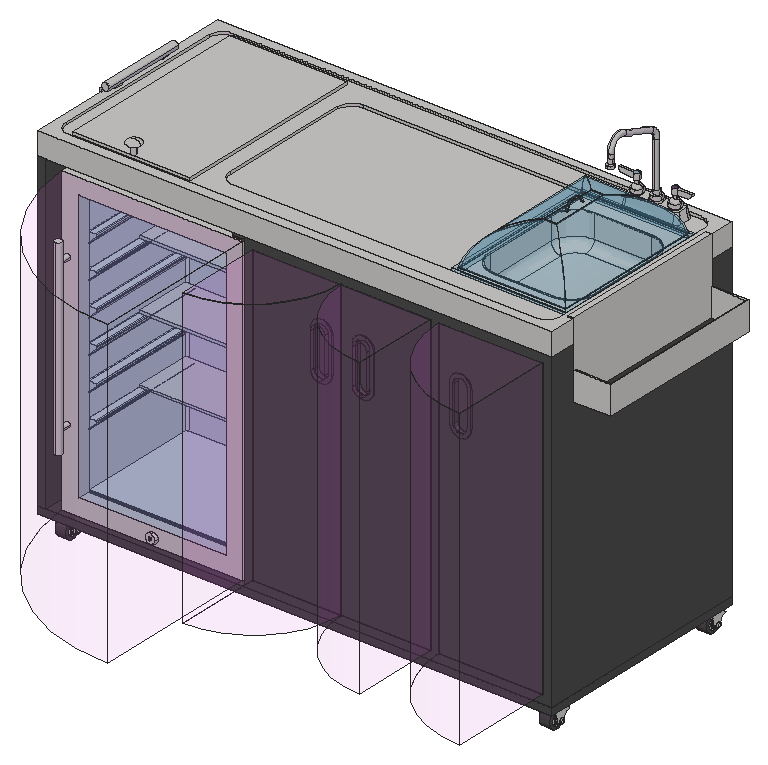
Revit family "QF_Summit_CARTOS54RG_Mobile_Outdoor_Serving_Station_with_Refrigerator", category Specialty Equipment, Revit 2020 (continued)
Definition of nested family "Summit_SPR488BOSADALHD"
  Automatic sketch dimensions
    plane 3 "RIGHT" to Revolve 13 sketch curve = 1 9/16"
    plane 12 to Revolve 13 sketch curve = 1/8"
    Revolve 13 sketch curve to Revolve 13 sketch curve = 9/32"
    Revolve 13 sketch curve to Revolve 13 sketch curve = 0.46121"
    Revolve 13 sketch curve to Revolve 13 sketch curve = 0"
    Revolve 13 sketch curve to plane 12 = 1/4"
    Extrusion 9 sketch curve to plane 7 "Center X" = 3"
    plane 8 "BACK" to Extrusion 9 sketch curve = 2 9/16"
    Extrusion 9 sketch curve to Extrusion 9 sketch curve = 3/4"
    plane 7 "Center X" to Extrusion 9 sketch curve = 3.43069"
    Extrusion 9 sketch curve to plane 5 "TOP" = 3 5/8"
    Extrusion 9 sketch curve to plane 5 "TOP" = 2 3/8"
    Extrusion 14 sketch curve to plane 12 = 0.91109"
    plane 3 "RIGHT" to Extrusion 14 sketch curve = 3"
    curve 6 to plane 2 "LEFT" = 0"
    plane 13 to curve 2 = 0"
    plane 8 "BACK" to curve 1 = 0"
    curve 2 to plane 13 = 0.0875"
    plane 2 "LEFT" to curve 2 = 1/4"
    curve 4 to plane 13 = 0.0875"
    plane 3 "RIGHT" to curve 4 = 0.225"
    curve 9 to plane 3 "RIGHT" = 0"
    plane 10 to curve 8 = 0"
    radius of Extrusion 14 sketch curve = 1/4"
Definition of nested family "SPR488BOSADA_Door"
  Parameters (values of type "SPR488BOSADA_Door")
    Show Logo [instance] = yes
    Show Clearance [instance] = yes
    Lenght = 19"
    Height = 13.12527"
    Depth = 1 5/8"
    Default Elevation = 0"
  Reference planes (in)
    plane 1 "Center (Front/Back)": y = -14.76186
    plane 2: z = 0
    plane 3 "Center (Left/Right)": x = 1.62266
    plane 4: x = 20.62266
    plane 5: y = -16.38686
    plane 6: y = -15.57436
    plane 7: x = 11.12266
    plane 8 "Top": z = 13.12527
  Forms (in)
    Extrusion 1, solid
      sketch origin (23.87266, -1.59973, 24.25) x (0, 1, 0) y (-1, 0, 0)
        loop
          line (-13.16213, 4.75) -> (-14.45256, 4.53435)
          arc (-14.45256, 4.53435) -> (-14.60267, 4.44949) -> (-14.66213, 4.28764) r 0.25
          line (-14.66213, 4.28764) -> (-14.66213, 3.5)
          arc (-14.66213, 3.5) -> (-14.58891, 3.32322) -> (-14.41213, 3.25) r 0.25
          line (-14.41213, 3.25) -> (-13.16213, 3.25) -> (-13.16213, 4.75)
      from 8.125 to 8.25
    Extrusion 2, solid
      sketch origin (-73.27164, -15.04895, 32) x (1, 0, 0) y (0, 0, 1)
        loop
          line (74.8943, 0.375) -> (74.8943, -31.5) -> (93.8943, -31.5) -> (93.8943, 0.375) -> (74.8943, 0.375)
        loop
          line (76.6443, -1.25) -> (76.6443, -29.75) -> (92.1443, -29.75) -> (92.1443, -1.25) -> (76.6443, -1.25)
      from 0 to 1.33791
    Extrusion 3, solid
      sketch origin (-73.27164, -15.04895, 32) x (1, 0, 0) y (0, 0, 1)
        loop
          line (76.6425, -29.75) -> (92.14969, -29.75) -> (92.14969, -1.25) -> (76.6425, -1.25) -> (76.6425, -29.75)
      from 0 to 1.33791
    Extrusion 4, solid
      sketch origin (23.87266, -1.59973, 24.25) x (0, 1, 0) y (-1, 0, 0)
        loop
          circle (-16.03713, 21.625) r 0.375
      from -17.625 to 2.25
    Extrusion 5, solid
      sketch origin (1.68516, -19.13176, 32) x (1, 0, 0) y (0, 0, 1)
        loop
          circle (0.56167, -7.5) r 0.25
        loop
          circle (0.56167, -23.25) r 0.25
      from -1.55741 to -2.74491
    Blend 6, solid
      base sketch origin (-73.27164, -16.38686, 32) x (1, 0, 0) y (0, 0, 1)
        loop
          circle (84.3943, -30.75) r 0.5625
      top sketch origin (-73.27164, -16.38686, 32) x (1, 0, 0) y (0, 0, 1)
        loop
          circle (84.3943, -30.75) r 0.5
      from 0 to 0.25369
    Extrusion 7, solid, visible <- "Show Clearance"
      sketch origin (1.62266, 1.36314, 0) x (1, 0, 0) y (0, 1, 0)
        loop
          arc (0.00402, -17.75) -> (5.99085, -30.38262) -> (19, -35.49996) r 19
          line (19, -35.49996) -> (19, -17.75) -> (0.00402, -17.75)
      from 0.5 to 32.375
    Extrusion 8, void
      sketch origin (-73.27164, -18.00369, 32) x (-1, 0, 0) y (0, 0, 1)
        loop
          circle (-84.3943, -30.75) r 0.1875
        loop
          circle (-84.3943, -30.75) r 0.0625
      from 1.36314 to 1.61683
  Cuts and joins
    Extrusion 8 cuts Extrusion 7
    Extrusion 8 cuts Blend 6
  Lines and regions (in)
    symbolic lines
      curve 1: line (1.62266, -16.38686, 0) -> (20.62266, -16.38686, 0)
      curve 2: circle (2.24766, -17.63686, 0) r 0.375 normal (0, 0, 1)
      curve 3: line (2.49606, -16.38686, 0) -> (2.49606, -17.35592, 0)
      curve 4: line (1.99665, -16.38686, 0) -> (1.99665, -17.35825, 0)
    symbolic lines, visible <- "Show Clearance"
      curve 5: arc (1.62266, -16.38686, 0) -> (2.55385, -21.18759, 0) -> (4.67952, -25.59163, 0) r 19
      curve 6: line (4.67952, -25.59163, 0) -> (20.62266, -16.38686, 0)
  Dimensions and locks (in)
    plane 4 to plane 3 "Center (Left/Right)" = 19"
    equal spacing: plane 3 "Center (Left/Right)", plane 7, plane 4
    "Lenght": plane 3 "Center (Left/Right)" to plane 4
    equal spacing: plane 5, plane 6, plane 1 "Center (Front/Back)"
    "Depth": plane 5 to plane 1 "Center (Front/Back)"
    "Height": plane 8 "Top" to level
    aligned and locked: level to plane 2
  Automatic sketch dimensions
    curve 5 to plane 3 "Center (Left/Right)" = 0"
    curve 4 to plane 5 = 0"
    plane 3 "Center (Left/Right)" to curve 2 = 5/8"
    plane 3 "Center (Left/Right)" to curve 6 = 3.05686"
    curve 5 to plane 4 = 0.03715"
    curve 2 to plane 5 = 1 1/4"
    curve 6 to curve 2 = 7.95478"
    plane 3 "Center (Left/Right)" to curve 4 = 0.37399"
    curve 2 to curve 3 = 0.2484"
    curve 2 to curve 3 = 0.28093"
    Extrusion 1 sketch curve to plane 4 = 0"
    plane 1 "Center (Front/Back)" to Extrusion 1 sketch curve = 0"
    plane 5 to Extrusion 1 sketch curve = 3/8"  (x2)
    Extrusion 1 sketch curve to Extrusion 1 sketch curve = 0.04043"
    plane 5 to Extrusion 1 sketch curve = 1/8"
    Extrusion 1 sketch curve to Extrusion 1 sketch curve = 0.78764"
    Extrusion 1 sketch curve to Extrusion 1 sketch curve = 0.21565"
    Extrusion 2 sketch curve to plane 3 "Center (Left/Right)" = 0"
    Extrusion 2 sketch curve to plane 4 = 0"
    plane 3 "Center (Left/Right)" to Extrusion 2 sketch curve = 1 3/4"
    Extrusion 2 sketch curve to plane 4 = 1 3/4"
    level to Extrusion 2 sketch curve = 1/2"
    level to Extrusion 2 sketch curve = 2 1/4"
    plane 8 "Top" to Extrusion 2 sketch curve = 17.62473"
    Extrusion 2 sketch curve to Extrusion 2 sketch curve = 1 5/8"
    plane 3 "Center (Left/Right)" to Extrusion 3 sketch curve = 1.7482"
    Extrusion 3 sketch curve to plane 4 = 1.7446"
    level to Extrusion 3 sketch curve = 2 1/4"
    plane 8 "Top" to Extrusion 3 sketch curve = 17.62473"
    plane 3 "Center (Left/Right)" to Extrusion 4 sketch curve = 5/8"
    Extrusion 4 sketch curve to plane 5 = 1 1/4"
    plane 3 "Center (Left/Right)" to Extrusion 5 sketch curve = 0.62417"  (x2)
    Extrusion 5 sketch curve to plane 8 "Top" = 4.37527"
    plane 8 "Top" to Extrusion 5 sketch curve = 11.37473"
    Blend 6 sketch curve to Extrusion 2 = 3/4"  (x2)
    Extrusion 2 to Blend 6 sketch curve = 7 3/4"  (x2)
    Extrusion 7 sketch curve to plane 5 = 0"
    Extrusion 7 sketch curve to plane 4 = 0"
    Extrusion 7 sketch curve to plane 4 = 0.03715"
    plane 3 "Center (Left/Right)" to Extrusion 7 sketch curve = 0.00402"
    Extrusion 7 sketch curve to Extrusion 7 sketch curve = 17.74996"
    Extrusion 8 sketch curve to Extrusion 8 sketch curve = 0"  (x2)
    Extrusion 8 sketch curve to plane 7 = 0"
    level to Extrusion 8 sketch curve = 1 1/4"
    curve 6 to plane 4 = 0"
    radius of Extrusion 4 sketch curve = 3/8"
    radius of Extrusion 5 sketch curve = 1/4"  (x2)
    radius of Blend 6 sketch curve = 9/16"
    radius of Blend 6 sketch curve = 1/2"
    radius of Extrusion 8 sketch curve = 3/16"
    radius of Extrusion 8 sketch curve = 1/16"
